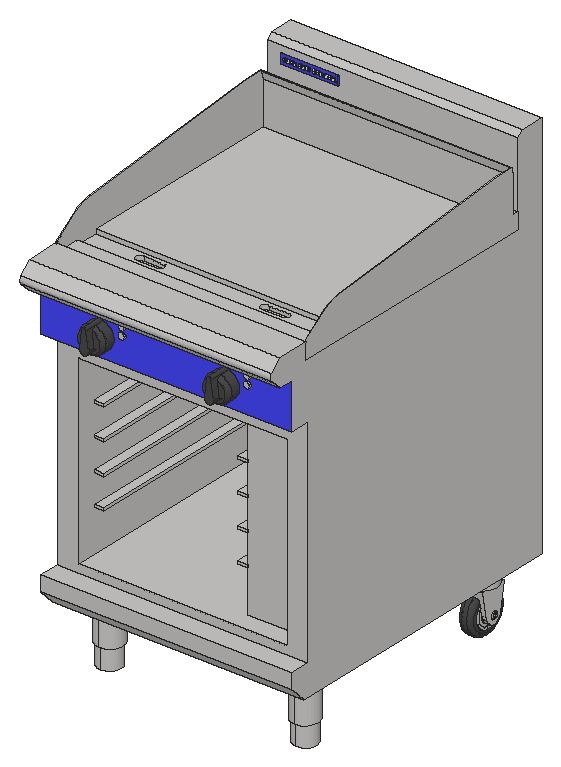
Revit family "QF_MOFFAT_BLUESEAL_CE_E514B-CB", category Specialty Equipment, Revit 2012
Parameters
  Weight in Pounds = 173  # constant formula
  Width [instance] = 600.00 mm  # constant formula
  Watts = 6800 W
  Volts = 230 V
  URL Cutsheet = "www.moffat.com"
  URL = "www.moffat.com"
  Type Mark [instance] = ""
  Status [instance] = ""
  Specification by User [instance] = ""
  Specification by Manufacturer = ""
  Show Logo [instance] = yes
  Show Casters [instance] = yes
  Serial Number = ""
  Seismic Rating = ""
  SMACNA No = ""
  Revision Code [instance] = ""
  Phase = 1
  Omniclass Number and Title = ""
  Number of Poles = 1
  NAFEM Spec ID Number = ""
  Model = "E514B-CB"
  Min Ckt Ampacity = 0 A
  Max Overcurrent Protection = 0 A
  Masterspec = ""
  Manufacturer = "MOFFAT BLUESEAL"
  Legs [instance] = not(Show Casters)  # no
  Item Number [instance] = ""
  Installed By [instance] = ""
  Identify Quantity as Lot [instance] = yes
  Height = 1085.00 mm  # constant formula
  HP = ""
  Furnished By [instance] = ""
  Foodservice Equipment Identifier [instance] = yes
  FL Amps = 28.3 A
  Elec Conn RI Height = 0.00 mm
  Elec Conn Connection Height = 0.00 mm
  Description = "600MM ELECTRIC GRIDDLE PLATE ON CABINET BASE"
  Depth [instance] = 812.00 mm  # constant formula
  Cycle = 50 Hz
  Conn Plug = ""
  Conn Conduit = yes
  CSI MasterFormat = ""
  CSI Master Format = ""
  Back Splash [instance] = 215.00 mm  # constant formula
  Apparent Power = if(Phase = 3, Volts * FL Amps * 1.73, Volts * FL Amps)  # 6509 VA
Reference planes
  plane 1 "BACK": y = 0
  plane 2: z = 0
  plane 3 "LEFT": x = 0
  plane 4 "RIGHT": x = 600
  plane 5 "FRONT": y = -812
  plane 6 "TOP": z = 970
  plane 7 "Center Y": x = 300
  plane 8 "Center X": y = -406
  plane 9 "Base Height": z = 150
  plane 10: z = 915
  plane 11: x = 65
  plane 12: x = 534
  plane 13: y = -625
  plane 14: y = -100
  plane 15: x = 470
  plane 16: z = 655
  plane 17: y = -32
  plane 18: z = 1085
Forms (mm)
  Extrusion 1, solid, material "QF_Finishes_Stainless Steel"
    sketch origin (0, 0, 0) x (0, 1, 0) y (0, 0, 1)
      loop
        line (-100, 150) -> (0, 150) -> (0, 1085) -> (-57.5, 1085) -> (-70, 1072.5) -> (-70, 875) -> (-705, 875) -> (-705, 915) -> (-783.97, 915) -> (-808.485, 890.485)
        arc (-808.485, 890.485) -> (-811.999, 882) -> (-808.485, 873.515) r 12
        line (-808.485, 873.515) -> (-784.97, 850) -> (-749, 850) -> (-749, 740) -> (-100, 740) -> (-100, 150)
      loop
        line (-749, 186) -> (-713, 150) -> (-699, 150) -> (-699, 222.5) -> (-749, 222.5) -> (-749, 186)
    from 0 to 600
  Revolve 2, solid, material "QF_Finishes_Stainless Steel", visible <- "Legs"
    sketch origin (534, -210, 0) x (0, 1, 0) y (0, 0, -1)
      loop
        line (78.25, -150) -> (110, -150) -> (110, 0) -> (82.5, 0) -> (82.5, -50) -> (78.25, -50) -> (78.25, -150)
      axis (110, -150) -> (110, 0)
    angle from 0 to 360
  Revolve 3, solid, material "QF_Finishes_Stainless Steel"
    sketch origin (534, -735, 0) x (0, 1, 0) y (0, 0, -1)
      loop
        line (78.25, -150) -> (110, -150) -> (110, 0) -> (82.5, 0) -> (82.5, -50) -> (78.25, -50) -> (78.25, -150)
      axis (110, -150) -> (110, 0)
    angle from 0 to 360
  Revolve 4, solid, material "QF_Finishes_Stainless Steel", visible <- "Legs"
    sketch origin (65, -210, 0) x (0, 1, 0) y (0, 0, -1)
      loop
        line (78.25, -150) -> (110, -150) -> (110, 0) -> (82.5, 0) -> (82.5, -50) -> (78.25, -50) -> (78.25, -150)
      axis (110, -150) -> (110, 0)
    angle from 0 to 360
  Revolve 5, solid, material "QF_Finishes_Stainless Steel"
    sketch origin (65, -735, 0) x (0, 1, 0) y (0, 0, -1)
      loop
        line (78.25, -150) -> (110, -150) -> (110, 0) -> (82.5, 0) -> (82.5, -50) -> (78.25, -50) -> (78.25, -150)
      axis (110, -150) -> (110, 0)
    angle from 0 to 360
  Revolve 6, solid, material "QF_Finishes_Black"
    sketch origin (150, 7, 597.816) x (0, 1, 0) y (0, 0, -1)
      loop
        line (-789, -229.5) -> (-766, -229.5) -> (-766, -202) -> (-756, -202) -> (-756, -197) -> (-800, -197) -> (-800, -223.651) -> (-789, -229.5)
      axis (-800, -197) -> (-756, -197)
    angle from 0 to 360
  Extrusion 7, solid, material "QF_Finishes_Black"
    sketch origin (288.27, 0, 597.973) x (-1, 0, 0) y (0, 0, -1)
      loop
        line (143.2, -228.94) -> (148.689, -184.854)
        arc (148.689, -184.854) -> (137.617, -174.355) -> (127.782, -186.021) r 10.487
        line (127.782, -186.021) -> (133.203, -228.94)
        arc (133.203, -228.94) -> (138.201, -233.827) -> (143.2, -228.94) r 5
    from 759 to 808
  Extrusion 8, solid, material "QF_Finishes_Stainless Steel"
    sketch origin (0, -699, 685) x (1, 0, 0) y (0, -1, 0)
      loop
        circle (470, -668) r 13.5
    from -55 to 30
  Extrusion 9, solid, material "QF_Finishes_Stainless Steel"
    sketch origin (0, -100, 685) x (0, 0, 1) y (-1, 0, 0)
      loop
        line (-535, 0) -> (-535, -600) -> (55, -600) -> (55, 0) -> (-535, 0)
      loop
        line (0, -50) -> (-442.5, -50) -> (-442.5, -550) -> (0, -550) -> (0, -50)
    from 0 to 599
  Extrusion 10, solid, material "QF_Finishes_Stainless Steel"
    sketch origin (0, -100, 685) x (0, 0, 1) y (-1, 0, 0)
      loop
        line (-266.25, -50) -> (-266.25, -75) -> (-259.9, -75) -> (-259.9, -50) -> (-266.25, -50)
      loop
        line (-184.9, -75) -> (-184.9, -50) -> (-191.25, -50) -> (-191.25, -75) -> (-184.9, -75)
      loop
        line (-341.25, -50) -> (-341.25, -75) -> (-334.9, -75) -> (-334.9, -50) -> (-341.25, -50)
      loop
        line (-109.9, -75) -> (-109.9, -50) -> (-116.25, -50) -> (-116.25, -75) -> (-109.9, -75)
      loop
        line (-266.25, -419.5) -> (-259.9, -419.5) -> (-259.9, -394.5) -> (-266.25, -394.5) -> (-266.25, -419.5)
      loop
        line (-184.9, -394.5) -> (-191.25, -394.5) -> (-191.25, -419.5) -> (-184.9, -419.5) -> (-184.9, -394.5)
      loop
        line (-341.25, -419.5) -> (-334.9, -419.5) -> (-334.9, -394.5) -> (-341.25, -394.5) -> (-341.25, -419.5)
      loop
        line (-109.9, -394.5) -> (-116.25, -394.5) -> (-116.25, -419.5) -> (-109.9, -419.5) -> (-109.9, -394.5)
    from 0 to 554
  Extrusion 11, solid, material "QF_Finishes_Stainless Steel"
    sketch origin (0, -100, 685) x (0, 0, 1) y (-1, 0, 0)
      loop
        line (0, -550) -> (0, -419.5) -> (-442.5, -419.5) -> (-442.5, -550) -> (0, -550)
    from 546.898 to 554
  Extrusion 12, void
    sketch origin (0, 0, 150) x (-1, 0, 0) y (0, -1, 0)
      loop
        line (-535.614, 87.26) -> (-535.614, -30.24) -> (-406.114, -30.24) -> (-406.114, 38.76) -> (-454.614, 87.26) -> (-535.614, 87.26)
    from 72.5 to 590
  Extrusion 13, solid, material "QF_Finishes_Stainless Steel"
    sketch origin (16.073, -749, 850) x (0, 0, -1) y (1, 0, 0)
      loop
        circle (25.2, 179) r 7.15
      loop
        circle (45.2, 179) r 7.15
    from 0 to 3.18
  Revolve 14, solid, material "QF_Finishes_Stainless Steel", visible <- "Legs"
    sketch origin (65, -165, 0) x (0, 1, 0) y (0, 0, 1)
      loop
        line (34.25, 150) -> (34.25, 50) -> (38.5, 50) -> (38.5, 0) -> (66, 0) -> (66, 150) -> (34.25, 150)
      axis (66, 150) -> (66, 0)
    angle from 0 to 360
  Revolve 15, solid, material "QF_Finishes_Stainless Steel", visible <- "Legs"
    sketch origin (535, -165, 0) x (0, 1, 0) y (0, 0, -1)
      loop
        line (34.25, -150) -> (66, -150) -> (66, 0) -> (38.5, 0) -> (38.5, -50) -> (34.25, -50) -> (34.25, -150)
      axis (66, -150) -> (66, 0)
    angle from 0 to 360
  Revolve 16, solid, material "QF_Finishes_Stainless Steel", visible <- "Show Casters"
    sketch origin (15.776, -99.755, -13.653) x (1, 0, 0) y (0, 0, 1)
      loop
        line (14.841, 63.604) -> (83.584, 63.604) -> (83.584, 67.109) -> (82.314, 68.379) -> (80.79, 68.379) -> (80.79, 71.826) -> (68.644, 71.826) -> (68.644, 81.79) -> (65.088, 83.843) -> (63.738, 92.179) -> (65.881, 92.179) -> (65.881, 98.529) -> (65.088, 98.529) -> (65.088, 104.879)
        arc (65.088, 104.879) -> (62.298, 111.614) -> (55.563, 114.404) r 9.525
        line (55.563, 114.404) -> (42.863, 114.404)
        arc (42.863, 114.404) -> (36.127, 111.614) -> (33.338, 104.879) r 9.525
        line (33.338, 104.879) -> (33.338, 98.529) -> (32.544, 98.529) -> (32.544, 92.179) -> (34.687, 92.179) -> (33.352, 83.932) -> (29.782, 81.871) -> (29.782, 71.826) -> (17.635, 71.826) -> (17.635, 68.379) -> (16.111, 68.379) -> (14.841, 67.109) -> (14.841, 63.604)
      axis (14.841, 63.604) -> (83.584, 63.604)
    angle from 0 to 360
  Extrusion 17, solid, material "QF_Finishes_Stainless Steel", visible <- "Show Casters"
    sketch origin (71.501, 133.353, -8.783) x (0, 1, 0) y (0, 0, 1)
      loop
        line (-200.603, 118.783) -> (-264.103, 118.783) -> (-251.746, 53.895)
        arc (-251.746, 53.895) -> (-232.353, 38.783) -> (-212.959, 53.895) r 20
        line (-212.959, 53.895) -> (-200.603, 118.783)
    from -35.667 to 22.923
  Revolve 18, solid, material "QF_Finishes_Stainless Steel", visible <- "Show Casters"
    sketch origin (65, -203, 0) x (0, 1, 0) y (0, 0, 1)
      loop
        line (68.25, 150) -> (68.25, 110) -> (104, 110) -> (104, 150) -> (68.25, 150)
      axis (104, 150) -> (104, 110)
    angle from 0 to 360
  Revolve 19, solid, material "QF_Finishes_Stainless Steel", visible <- "Legs"
    sketch origin (65, -165, 0) x (0, 1, 0) y (0, 0, 1)
      loop
        line (34.25, 150) -> (34.25, 50) -> (38.5, 50) -> (38.5, 0) -> (66, 0) -> (66, 150) -> (34.25, 150)
      axis (66, 150) -> (66, 0)
    angle from 0 to 360
  Revolve 20, solid, material "QF_Finishes_Stainless Steel", visible <- "Show Casters"
    sketch origin (485.776, -99.755, -13.653) x (1, 0, 0) y (0, 0, 1)
      loop
        line (14.841, 63.604) -> (83.584, 63.604) -> (83.584, 67.109) -> (82.314, 68.379) -> (80.79, 68.379) -> (80.79, 71.826) -> (68.644, 71.826) -> (68.644, 81.79) -> (65.088, 83.843) -> (63.738, 92.179) -> (65.881, 92.179) -> (65.881, 98.529) -> (65.088, 98.529) -> (65.088, 104.879)
        arc (65.088, 104.879) -> (62.298, 111.614) -> (55.563, 114.404) r 9.525
        line (55.563, 114.404) -> (42.863, 114.404)
        arc (42.863, 114.404) -> (36.127, 111.614) -> (33.338, 104.879) r 9.525
        line (33.338, 104.879) -> (33.338, 98.529) -> (32.544, 98.529) -> (32.544, 92.179) -> (34.687, 92.179) -> (33.352, 83.932) -> (29.782, 81.871) -> (29.782, 71.826) -> (17.635, 71.826) -> (17.635, 68.379) -> (16.111, 68.379) -> (14.841, 67.109) -> (14.841, 63.604)
      axis (14.841, 63.604) -> (83.584, 63.604)
    angle from 0 to 360
  Extrusion 21, solid, material "QF_Finishes_Stainless Steel", visible <- "Show Casters"
    sketch origin (541.501, 133.353, -8.783) x (0, 1, 0) y (0, 0, 1)
      loop
        line (-200.603, 118.783) -> (-264.103, 118.783) -> (-251.746, 53.895)
        arc (-251.746, 53.895) -> (-232.353, 38.783) -> (-212.959, 53.895) r 20
        line (-212.959, 53.895) -> (-200.603, 118.783)
    from -35.667 to 22.923
  Revolve 22, solid, material "QF_Finishes_Stainless Steel", visible <- "Show Casters"
    sketch origin (535, -203, 0) x (0, 1, 0) y (0, 0, 1)
      loop
        line (68.25, 150) -> (68.25, 110) -> (104, 110) -> (104, 150) -> (68.25, 150)
      axis (104, 150) -> (104, 110)
    angle from 0 to 360
  Revolve 23, solid, material "QF_Finishes_Black"
    sketch origin (450, 7, 597.816) x (0, 1, 0) y (0, 0, -1)
      loop
        line (-789, -229.5) -> (-766, -229.5) -> (-766, -202) -> (-756, -202) -> (-756, -197) -> (-800, -197) -> (-800, -223.651) -> (-789, -229.5)
      axis (-800, -197) -> (-756, -197)
    angle from 0 to 360
  Extrusion 24, solid, material "QF_Finishes_Black"
    sketch origin (588.27, 0, 597.973) x (-1, 0, 0) y (0, 0, -1)
      loop
        line (143.2, -228.94) -> (148.689, -184.854)
        arc (148.689, -184.854) -> (137.617, -174.355) -> (127.782, -186.021) r 10.487
        line (127.782, -186.021) -> (133.203, -228.94)
        arc (133.203, -228.94) -> (138.201, -233.827) -> (143.2, -228.94) r 5
    from 759 to 808
  Extrusion 25, solid, material "QF_Finishes_Stainless Steel"
    sketch origin (316.073, -749, 850) x (0, 0, -1) y (1, 0, 0)
      loop
        circle (25.2, 179) r 7.15
      loop
        circle (45.2, 179) r 7.15
    from 0 to 3.18
Cuts and joins
  Extrusion 12 cuts Extrusion 1
  joined: Extrusion 1, Extrusion 9
Lines and regions (mm)
  Split face 1
    outline origin (600, 0, 1085) x (-1, 0, 0) y (0, -1, 0)
      loop
        arc (556, 18.385) -> (564.66, 23.385) -> (564.66, 33.385) r 10
        line (564.66, 33.385) -> (560.619, 40.385)
        arc (560.619, 40.385) -> (556.959, 44.045) -> (551.959, 45.385) r 10
        line (551.959, 45.385) -> (324, 45.385)
        arc (324, 45.385) -> (315.34, 40.385) -> (315.34, 30.385) r 10
        line (315.34, 30.385) -> (319.381, 23.385)
        arc (319.381, 23.385) -> (323.041, 19.725) -> (328.041, 18.385) r 10
        line (328.041, 18.385) -> (556, 18.385)
  Split face 2
    outline origin (600, 0, 1085) x (-1, 0, 0) y (0, -1, 0)
      loop
        arc (276, 18.385) -> (284.66, 23.385) -> (284.66, 33.385) r 10
        line (284.66, 33.385) -> (280.619, 40.385)
        arc (280.619, 40.385) -> (276.959, 44.045) -> (271.959, 45.385) r 10
        line (271.959, 45.385) -> (44, 45.385)
        arc (44, 45.385) -> (35.34, 40.385) -> (35.34, 30.385) r 10
        line (35.34, 30.385) -> (39.381, 23.385)
        arc (39.381, 23.385) -> (43.041, 19.725) -> (48.041, 18.385) r 10
        line (48.041, 18.385) -> (276, 18.385)
  symbolic lines
    curve 1: line (0, 0, 0) -> (0, -812, 0)
    curve 2: line (600, 0, 0) -> (0, 0, 0)
    curve 3: line (600, -812, 0) -> (600, 0, 0)
    curve 4: line (0, -812, 0) -> (600, -812, 0)
    curve 13: line (0, -57.5, 150) -> (600, -57.5, 150)
    curve 14: line (0, -70, 150) -> (600, -70, 150)
    curve 15: line (0, -783.97, 150) -> (600, -783.97, 150)
    curve 16: line (271.959, -18.385, 150) -> (44, -18.385, 150)
    curve 17: arc (44, -18.385, 150) -> (35.34, -23.385, 150) -> (35.34, -33.385, 150) r 10
    curve 18: line (35.34, -33.385, 150) -> (39.381, -40.385, 150)
    curve 19: arc (39.381, -40.385, 150) -> (43.041, -44.045, 150) -> (48.041, -45.385, 150) r 10
    curve 20: line (48.041, -45.385, 150) -> (276, -45.385, 150)
    curve 21: arc (276, -45.385, 150) -> (284.66, -40.385, 150) -> (284.66, -30.385, 150) r 10
    curve 22: line (284.66, -30.385, 150) -> (280.619, -23.385, 150)
    curve 23: arc (280.619, -23.385, 150) -> (276.959, -19.725, 150) -> (271.959, -18.385, 150) r 10
    curve 24: line (324, -18.385, 150) -> (551.959, -18.385, 150)
    curve 25: arc (551.959, -18.385, 150) -> (556.959, -19.725, 150) -> (560.619, -23.385, 150) r 10
    curve 26: line (560.619, -23.385, 150) -> (564.66, -30.385, 150)
    curve 27: arc (564.66, -30.385, 150) -> (564.66, -40.385, 150) -> (556, -45.385, 150) r 10
    curve 28: line (556, -45.385, 150) -> (328.041, -45.385, 150)
    curve 29: arc (328.041, -45.385, 150) -> (323.041, -44.045, 150) -> (319.381, -40.385, 150) r 10
    curve 30: line (319.381, -40.385, 150) -> (315.34, -33.385, 150)
    curve 31: arc (315.34, -33.385, 150) -> (315.34, -23.385, 150) -> (324, -18.385, 150) r 10
  symbolic lines, style "SpecialityEquipmentHiddenLines", visible <- "Show Casters"
    curve 5: line (78.456, -46.735, 0) -> (105.952, -62.61, 0)
    curve 6: line (27.656, -134.723, 0) -> (78.456, -46.735, 0)
    curve 7: line (55.152, -150.598, 0) -> (27.656, -134.723, 0)
    curve 8: line (105.952, -62.61, 0) -> (55.152, -150.598, 0)
    curve 9: line (548.456, -46.735, 0) -> (575.952, -62.61, 0)
    curve 10: line (497.656, -134.723, 0) -> (548.456, -46.735, 0)
    curve 11: line (525.152, -150.598, 0) -> (497.656, -134.723, 0)
    curve 12: line (575.952, -62.61, 0) -> (525.152, -150.598, 0)
Dimensions and locks
  equal spacing: plane 3 "LEFT", plane 7 "Center Y", plane 4 "RIGHT"
  "Width": plane 3 "LEFT" to plane 4 "RIGHT"
  equal spacing: plane 5 "FRONT", plane 8 "Center X", plane 1 "BACK"
  "Depth": plane 5 "FRONT" to plane 1 "BACK"
  locked: plane 10 to level at 915
  locked: plane 9 "Base Height" to level at 150
  plane 6 "TOP" to plane 10 = 55.00 mm
  plane 13 to plane 14 = 525.00 mm
  plane 12 to plane 11 = 469.00 mm
  plane 15 to plane 4 "RIGHT" = 130.00 mm
  plane 16 to level = 655.00 mm
  plane 17 to plane 1 "BACK" = 32.00 mm
  "Height": plane 18 to plane 2
  Revolve 16 sketch curve to Revolve 16 sketch curve = 50.80 mm
  Revolve 20 sketch curve to Revolve 20 sketch curve = 50.80 mm
  Extrusion 8 sketch curve to plane 1 "BACK" = 31.00 mm
  aligned and locked: level to plane 2
Automatic sketch dimensions
  curve 1 to plane 3 "LEFT" = 0.00 mm
  curve 4 to plane 4 "RIGHT" = 0.00 mm
  plane 5 "FRONT" to curve 1 = 0.00 mm
  plane 1 "BACK" to curve 2 = 0.00 mm
  plane 3 "LEFT" to curve 7 = 27.656 mm
  curve 7 to plane 11 = 9.848 mm
  plane 11 to curve 6 = 13.456 mm
  plane 15 to curve 10 = 27.656 mm
  plane 12 to curve 11 = 8.848 mm
  curve 10 to plane 12 = 14.456 mm
  curve 12 to plane 14 = 50.598 mm
  curve 8 to plane 14 = 50.598 mm
  curve 7 to curve 7 = 15.875 mm
  curve 11 to curve 11 = 15.875 mm
  Extrusion 1 sketch curve to plane 10 = 0.00 mm
  Extrusion 1 sketch curve to plane 9 "Base Height" = 0.00 mm  (x2)
  Extrusion 1 sketch curve to plane 14 = 0.00 mm
  Extrusion 1 sketch curve to plane 18 = 0.00 mm
  Extrusion 1 sketch curve to plane 1 "BACK" = 0.00 mm
  Extrusion 1 sketch curve to plane 13 = 74.00 mm
  Extrusion 1 sketch curve to plane 10 = 40.00 mm
  Extrusion 1 sketch curve to plane 13 = 80.00 mm
  Extrusion 1 sketch curve to Extrusion 1 sketch curve = 14.00 mm
  Extrusion 1 sketch curve to Extrusion 1 sketch curve = 36.00 mm
  Extrusion 1 sketch curve to plane 5 "FRONT" = 63.00 mm
  Extrusion 1 sketch curve to plane 5 "FRONT" = 28.03 mm
  Extrusion 1 sketch curve to plane 5 "FRONT" = 27.03 mm
  Extrusion 1 sketch curve to plane 5 "FRONT" = 12.001 mm
  Extrusion 1 sketch curve to plane 5 "FRONT" = 3.515 mm  (x2)
  plane 14 to Extrusion 1 sketch curve = 30.00 mm
  Extrusion 1 sketch curve to Extrusion 1 sketch curve = 12.50 mm
  plane 9 "Base Height" to Extrusion 1 sketch curve = 36.00 mm
  Extrusion 1 sketch curve to Extrusion 1 sketch curve = 36.50 mm
  plane 16 to Extrusion 1 sketch curve = 85.00 mm
  Extrusion 1 sketch curve to Extrusion 1 sketch curve = 25.00 mm
  Extrusion 1 sketch curve to Extrusion 1 sketch curve = 23.515 mm
  Extrusion 1 sketch curve to Extrusion 1 sketch curve = 8.485 mm
  Extrusion 1 sketch curve to plane 18 = 12.50 mm
  Revolve 2 sketch curve to plane 9 "Base Height" = 0.00 mm
  Revolve 2 sketch curve to level = 0.00 mm
  Revolve 2 sketch curve to plane 14 = 0.00 mm  (x2)
  Revolve 2 sketch curve to plane 14 = 27.50 mm
  Revolve 2 sketch curve to plane 14 = 31.75 mm
  level to Revolve 2 sketch curve = 50.00 mm
  Revolve 2 sketch curve to Revolve 2 sketch curve = 0.00 mm
  Revolve 2 sketch curve to Revolve 2 sketch curve = 55.00 mm
  Revolve 3 sketch curve to plane 9 "Base Height" = 0.00 mm
  Revolve 3 sketch curve to level = 0.00 mm
  Revolve 3 sketch curve to plane 13 = 0.00 mm  (x2)
  Revolve 3 sketch curve to plane 13 = 27.50 mm
  Revolve 3 sketch curve to plane 13 = 31.75 mm
  level to Revolve 3 sketch curve = 50.00 mm
  Revolve 3 sketch curve to Revolve 3 sketch curve = 0.00 mm
  Revolve 3 sketch curve to Revolve 3 sketch curve = 55.00 mm
  Revolve 4 sketch curve to plane 9 "Base Height" = 0.00 mm
  Revolve 4 sketch curve to level = 0.00 mm
  Revolve 4 sketch curve to plane 14 = 0.00 mm  (x2)
  Revolve 4 sketch curve to plane 14 = 27.50 mm
  Revolve 4 sketch curve to plane 14 = 31.75 mm
  level to Revolve 4 sketch curve = 50.00 mm
  Revolve 4 sketch curve to Revolve 4 sketch curve = 0.00 mm
  Revolve 4 sketch curve to Revolve 4 sketch curve = 55.00 mm
  Revolve 5 sketch curve to plane 9 "Base Height" = 0.00 mm
  Revolve 5 sketch curve to level = 0.00 mm
  Revolve 5 sketch curve to plane 13 = 0.00 mm  (x2)
  Revolve 5 sketch curve to plane 13 = 27.50 mm
  Revolve 5 sketch curve to plane 13 = 31.75 mm
  level to Revolve 5 sketch curve = 50.00 mm
  Revolve 5 sketch curve to Revolve 5 sketch curve = 0.00 mm
  Revolve 5 sketch curve to Revolve 5 sketch curve = 55.00 mm
  Revolve 6 sketch curve to plane 5 "FRONT" = 19.00 mm
  Revolve 6 sketch curve to Revolve 6 sketch curve = 0.00 mm  (x2)
  Revolve 6 sketch curve to Revolve 6 sketch curve = 11.00 mm
  Revolve 6 sketch curve to Revolve 6 sketch curve = 12.70 mm
  Revolve 6 sketch curve to Revolve 6 sketch curve = 23.00 mm
  Revolve 6 sketch curve to Revolve 6 sketch curve = 10.00 mm
  Revolve 6 sketch curve to plane 10 = 87.684 mm
  Revolve 6 sketch curve to Revolve 6 sketch curve = 5.849 mm
  Revolve 6 sketch curve to Revolve 6 sketch curve = 27.50 mm
  Revolve 6 sketch curve to Revolve 6 sketch curve = 5.00 mm
  plane 11 to Extrusion 7 sketch curve = 95.487 mm
  Extrusion 7 sketch curve to Extrusion 7 sketch curve = 5.421 mm
  Extrusion 7 sketch curve to Extrusion 7 sketch curve = 4.999 mm  (x2)
  Extrusion 7 sketch curve to Extrusion 7 sketch curve = 10.419 mm
  Extrusion 7 sketch curve to Extrusion 7 sketch curve = 10.487 mm
  Extrusion 7 sketch curve to plane 10 = 88.087 mm
  Extrusion 7 sketch curve to Extrusion 7 sketch curve = 0.113 mm
  Extrusion 7 sketch curve to Extrusion 7 sketch curve = 42.919 mm
  Extrusion 7 sketch curve to Extrusion 7 sketch curve = 1.167 mm
  Extrusion 8 sketch curve to plane 15 = 0.00 mm
  Extrusion 1 to Extrusion 9 sketch curve = 0.00 mm
  Extrusion 9 sketch curve to Extrusion 1 = 0.00 mm  (x3)
  Extrusion 1 to Extrusion 9 sketch curve = 92.50 mm
  Extrusion 1 to Extrusion 9 sketch curve = 55.00 mm
  Extrusion 1 to Extrusion 9 sketch curve = 50.00 mm  (x2)
  Extrusion 1 to Extrusion 10 sketch curve = 50.00 mm  (x2)
  Extrusion 1 to Extrusion 10 sketch curve = 193.75 mm  (x2)
  Extrusion 10 sketch curve to Extrusion 10 sketch curve = 6.35 mm  (x8)
  Extrusion 10 sketch curve to Extrusion 10 sketch curve = 68.65 mm  (x6)
  Extrusion 10 sketch curve to Extrusion 10 sketch curve = 25.00 mm  (x8)
  Extrusion 10 sketch curve to Extrusion 10 sketch curve = 0.00 mm  (x4)
  Extrusion 1 to Extrusion 10 sketch curve = 75.00 mm
  Extrusion 1 to Extrusion 10 sketch curve = 205.50 mm
  Extrusion 1 to Extrusion 11 sketch curve = 92.50 mm
  Extrusion 1 to Extrusion 11 sketch curve = 55.00 mm
  Extrusion 1 to Extrusion 11 sketch curve = 50.00 mm
  Extrusion 11 sketch curve to Extrusion 11 sketch curve = 130.50 mm
  Extrusion 12 sketch curve to plane 12 = 1.614 mm
  Extrusion 12 sketch curve to plane 15 = 15.386 mm
  Extrusion 12 sketch curve to plane 17 = 6.76 mm
  Extrusion 12 sketch curve to plane 15 = 63.886 mm
  Extrusion 12 sketch curve to plane 1 "BACK" = 30.24 mm
  plane 14 to Extrusion 12 sketch curve = 12.74 mm
  Extrusion 1 to Extrusion 13 sketch curve = 25.20 mm
  Extrusion 13 sketch curve to Extrusion 13 sketch curve = 20.00 mm
  Extrusion 1 to Extrusion 13 sketch curve = 195.073 mm
  Extrusion 13 sketch curve to Extrusion 13 sketch curve = 0.00 mm
  Revolve 14 sketch curve to plane 9 "Base Height" = 0.00 mm
  Revolve 14 sketch curve to level = 0.00 mm
  Revolve 14 sketch curve to plane 14 = 30.75 mm
  Revolve 14 sketch curve to plane 14 = 26.50 mm
  plane 14 to Revolve 14 sketch curve = 1.00 mm  (x2)
  Revolve 14 sketch curve to Revolve 14 sketch curve = 55.00 mm
  level to Revolve 14 sketch curve = 50.00 mm
  Revolve 14 sketch curve to Revolve 14 sketch curve = 0.00 mm
  Revolve 15 sketch curve to plane 9 "Base Height" = 0.00 mm
  Revolve 15 sketch curve to level = 0.00 mm
  Revolve 15 sketch curve to plane 14 = 30.75 mm
  Revolve 15 sketch curve to plane 14 = 26.50 mm
  plane 14 to Revolve 15 sketch curve = 1.00 mm  (x2)
  level to Revolve 15 sketch curve = 50.00 mm
  Revolve 15 sketch curve to Revolve 15 sketch curve = 0.00 mm
  Revolve 15 sketch curve to Revolve 15 sketch curve = 55.00 mm
  plane 3 "LEFT" to Revolve 16 sketch curve = 30.618 mm
  Revolve 16 sketch curve to Revolve 16 sketch curve = 1.27 mm  (x4)
  Revolve 16 sketch curve to Revolve 16 sketch curve = 1.524 mm  (x2)
  Revolve 16 sketch curve to Revolve 16 sketch curve = 12.146 mm  (x2)
  Revolve 16 sketch curve to plane 11 = 16.68 mm
  Revolve 16 sketch curve to Revolve 16 sketch curve = 0.794 mm  (x2)
  Revolve 16 sketch curve to Revolve 16 sketch curve = 3.57 mm
  Revolve 16 sketch curve to Revolve 16 sketch curve = 2.143 mm
  Revolve 16 sketch curve to plane 11 = 6.361 mm
  plane 11 to Revolve 16 sketch curve = 5.13 mm
  plane 11 to Revolve 16 sketch curve = 6.339 mm
  plane 11 to Revolve 16 sketch curve = 14.515 mm
  Revolve 16 sketch curve to Revolve 16 sketch curve = 1.349 mm  (x2)
  Revolve 16 sketch curve to Revolve 16 sketch curve = 3.556 mm
  Revolve 16 sketch curve to Revolve 16 sketch curve = 33.32 mm
  level to Revolve 16 sketch curve = 49.952 mm
  Revolve 16 sketch curve to Revolve 16 sketch curve = 0.00 mm
  Revolve 16 sketch curve to Revolve 16 sketch curve = 3.505 mm  (x2)
  Revolve 16 sketch curve to Revolve 16 sketch curve = 3.447 mm  (x2)
  Revolve 16 sketch curve to Revolve 16 sketch curve = 9.964 mm
  Revolve 16 sketch curve to Revolve 16 sketch curve = 10.045 mm
  Revolve 16 sketch curve to Revolve 16 sketch curve = 2.053 mm
  Revolve 16 sketch curve to Revolve 16 sketch curve = 2.061 mm
  Revolve 16 sketch curve to Revolve 16 sketch curve = 8.247 mm
  Revolve 16 sketch curve to Revolve 16 sketch curve = 8.336 mm
  Revolve 16 sketch curve to Revolve 16 sketch curve = 6.35 mm  (x2)
  Extrusion 17 sketch curve to plane 14 = 30.75 mm
  Extrusion 17 sketch curve to plane 14 = 18.393 mm
  plane 14 to Extrusion 17 sketch curve = 1.00 mm
  Extrusion 17 sketch curve to Extrusion 17 sketch curve = 19.393 mm
  plane 14 to Extrusion 17 sketch curve = 32.75 mm
  level to Extrusion 17 sketch curve = 45.111 mm
  Extrusion 17 sketch curve to Extrusion 17 sketch curve = 4.889 mm
  Extrusion 17 sketch curve to plane 9 "Base Height" = 40.00 mm
  Revolve 18 sketch curve to plane 9 "Base Height" = 0.00 mm
  Revolve 18 sketch curve to plane 14 = 34.75 mm
  plane 14 to Revolve 18 sketch curve = 1.00 mm  (x2)
  Revolve 18 sketch curve to plane 9 "Base Height" = 40.00 mm
  level to Revolve 18 sketch curve = 50.00 mm
  Revolve 18 sketch curve to level = 55.00 mm
  Revolve 19 sketch curve to plane 9 "Base Height" = 0.00 mm
  Revolve 19 sketch curve to level = 0.00 mm
  Revolve 19 sketch curve to plane 14 = 30.75 mm
  Revolve 19 sketch curve to plane 14 = 26.50 mm
  plane 14 to Revolve 19 sketch curve = 1.00 mm  (x2)
  Revolve 19 sketch curve to Revolve 19 sketch curve = 55.00 mm
  level to Revolve 19 sketch curve = 50.00 mm
  Revolve 19 sketch curve to Revolve 19 sketch curve = 0.00 mm
  plane 15 to Revolve 20 sketch curve = 30.618 mm
  Revolve 20 sketch curve to Revolve 20 sketch curve = 1.27 mm  (x4)
  Revolve 20 sketch curve to Revolve 20 sketch curve = 1.524 mm  (x2)
  Revolve 20 sketch curve to Revolve 20 sketch curve = 12.146 mm  (x2)
  plane 12 to Revolve 20 sketch curve = 15.68 mm
  Revolve 20 sketch curve to Revolve 20 sketch curve = 0.794 mm  (x2)
  Revolve 20 sketch curve to Revolve 20 sketch curve = 3.57 mm
  Revolve 20 sketch curve to Revolve 20 sketch curve = 2.143 mm
  plane 12 to Revolve 20 sketch curve = 5.361 mm
  Revolve 20 sketch curve to plane 12 = 6.13 mm
  Revolve 20 sketch curve to plane 12 = 7.339 mm
  Revolve 20 sketch curve to Revolve 20 sketch curve = 8.176 mm
  Revolve 20 sketch curve to Revolve 20 sketch curve = 1.349 mm  (x2)
  Revolve 20 sketch curve to Revolve 20 sketch curve = 3.556 mm
  Revolve 20 sketch curve to plane 4 "RIGHT" = 2.68 mm
  level to Revolve 20 sketch curve = 49.952 mm
  Revolve 20 sketch curve to Revolve 20 sketch curve = 0.00 mm
  Revolve 20 sketch curve to Revolve 20 sketch curve = 3.505 mm  (x2)
  Revolve 20 sketch curve to Revolve 20 sketch curve = 3.447 mm  (x2)
  Revolve 20 sketch curve to Revolve 20 sketch curve = 9.964 mm
  Revolve 20 sketch curve to Revolve 20 sketch curve = 10.045 mm
  Revolve 20 sketch curve to Revolve 20 sketch curve = 2.053 mm
  Revolve 20 sketch curve to Revolve 20 sketch curve = 2.061 mm
  Revolve 20 sketch curve to Revolve 20 sketch curve = 8.247 mm
  Revolve 20 sketch curve to Revolve 20 sketch curve = 8.336 mm
  Revolve 20 sketch curve to Revolve 20 sketch curve = 6.35 mm  (x2)
  Extrusion 21 sketch curve to plane 14 = 30.75 mm
  Extrusion 21 sketch curve to plane 14 = 18.393 mm
  plane 14 to Extrusion 21 sketch curve = 1.00 mm
  Extrusion 21 sketch curve to Extrusion 21 sketch curve = 19.393 mm
  plane 14 to Extrusion 21 sketch curve = 32.75 mm
  level to Extrusion 21 sketch curve = 45.111 mm
  Extrusion 21 sketch curve to Extrusion 21 sketch curve = 4.889 mm
  Extrusion 21 sketch curve to plane 9 "Base Height" = 40.00 mm
  Revolve 22 sketch curve to plane 9 "Base Height" = 0.00 mm
  Revolve 22 sketch curve to plane 14 = 34.75 mm
  plane 14 to Revolve 22 sketch curve = 1.00 mm  (x2)
  Revolve 22 sketch curve to plane 9 "Base Height" = 40.00 mm
  level to Revolve 22 sketch curve = 50.00 mm
  Revolve 22 sketch curve to level = 55.00 mm
  curve 13 to plane 4 "RIGHT" = 0.00 mm
  curve 14 to plane 4 "RIGHT" = 0.00 mm
  curve 15 to plane 4 "RIGHT" = 0.00 mm
  curve 14 to plane 3 "LEFT" = 0.00 mm
  curve 13 to plane 3 "LEFT" = 0.00 mm
  curve 15 to plane 3 "LEFT" = 0.00 mm
  plane 17 to curve 27 = 1.615 mm
  curve 27 to plane 12 = 30.66 mm
  curve 26 to curve 25 = 4.041 mm
  curve 26 to curve 27 = 8.66 mm
  curve 26 to curve 25 = 8.66 mm
  curve 28 to plane 17 = 13.385 mm
  plane 7 "Center Y" to curve 28 = 28.041 mm
  plane 17 to curve 31 = 3.615 mm
  curve 29 to curve 31 = 4.041 mm
  curve 30 to plane 17 = 8.385 mm
  curve 28 to curve 30 = 8.66 mm
  curve 31 to plane 17 = 1.385 mm
  curve 30 to curve 31 = 4.041 mm
  plane 17 to curve 21 = 1.615 mm
  curve 21 to plane 7 "Center Y" = 15.34 mm
  curve 22 to curve 23 = 4.041 mm
  curve 21 to plane 17 = 3.385 mm
  curve 22 to curve 21 = 8.66 mm
  plane 17 to curve 23 = 3.615 mm
  curve 21 to curve 23 = 4.041 mm
  curve 19 to plane 11 = 16.959 mm
  plane 17 to curve 17 = 3.615 mm
  curve 19 to curve 17 = 4.041 mm
  curve 18 to plane 17 = 8.385 mm
  curve 20 to curve 18 = 8.66 mm
  curve 18 to plane 17 = 1.385 mm
  curve 18 to curve 18 = 4.041 mm
  curve 26 to curve 26 = 7.00 mm
  curve 13 to plane 17 = 25.50 mm
  curve 13 to curve 14 = 12.50 mm
  curve 15 to plane 5 "FRONT" = 28.03 mm
  Split face 1 sketch curve to cut or joined group of Extrusion 1, Extrusion 9, Extrusion 12 = 27.115 mm
  Split face 1 sketch curve to cut or joined group of Extrusion 1, Extrusion 9, Extrusion 12 = 284.66 mm
  Split face 1 sketch curve to Split face 1 sketch curve = 4.041 mm  (x4)
  Split face 1 sketch curve to Split face 1 sketch curve = 8.66 mm  (x2)
  Split face 1 sketch curve to cut or joined group of Extrusion 1, Extrusion 9, Extrusion 12 = 12.115 mm
  Split face 1 sketch curve to cut or joined group of Extrusion 1, Extrusion 9, Extrusion 12 = 48.041 mm
  Split face 1 sketch curve to Split face 1 sketch curve = 7.00 mm  (x3)
  Split face 1 sketch curve to Split face 1 sketch curve = 17.00 mm
  Split face 2 sketch curve to cut or joined group of Extrusion 1, Extrusion 9, Extrusion 12 = 35.34 mm
  Split face 2 sketch curve to Split face 2 sketch curve = 4.041 mm  (x4)
  Split face 2 sketch curve to Split face 2 sketch curve = 8.66 mm  (x2)
  Split face 2 sketch curve to cut or joined group of Extrusion 1, Extrusion 9, Extrusion 12 = 12.115 mm
  Split face 2 sketch curve to Split face 2 sketch curve = 223.917 mm
  Split face 2 sketch curve to Split face 2 sketch curve = 5.00 mm
  Split face 2 sketch curve to Split face 2 sketch curve = 10.00 mm
  Split face 2 sketch curve to Split face 2 sketch curve = 7.00 mm  (x3)
  Revolve 23 sketch curve to plane 5 "FRONT" = 19.00 mm
  Revolve 23 sketch curve to Revolve 23 sketch curve = 0.00 mm  (x2)
  Revolve 23 sketch curve to Revolve 23 sketch curve = 11.00 mm
  Revolve 23 sketch curve to Revolve 23 sketch curve = 12.70 mm
  Revolve 23 sketch curve to Revolve 23 sketch curve = 23.00 mm
  Revolve 23 sketch curve to Revolve 23 sketch curve = 10.00 mm
  Revolve 23 sketch curve to plane 10 = 87.684 mm
  Revolve 23 sketch curve to Revolve 23 sketch curve = 5.849 mm
  Revolve 23 sketch curve to Revolve 23 sketch curve = 27.50 mm
  Revolve 23 sketch curve to Revolve 23 sketch curve = 5.00 mm
  Extrusion 24 sketch curve to plane 15 = 9.513 mm
  Extrusion 24 sketch curve to Extrusion 24 sketch curve = 5.421 mm
  Extrusion 24 sketch curve to Extrusion 24 sketch curve = 4.999 mm  (x2)
  Extrusion 24 sketch curve to Extrusion 24 sketch curve = 10.419 mm
  Extrusion 24 sketch curve to Extrusion 24 sketch curve = 10.487 mm
  Extrusion 24 sketch curve to plane 10 = 88.087 mm
  Extrusion 24 sketch curve to Extrusion 24 sketch curve = 0.113 mm
  Extrusion 24 sketch curve to Extrusion 24 sketch curve = 42.919 mm
  Extrusion 24 sketch curve to Extrusion 24 sketch curve = 1.167 mm
  Extrusion 1 to Extrusion 25 sketch curve = 25.20 mm
  Extrusion 25 sketch curve to Extrusion 25 sketch curve = 20.00 mm
  Extrusion 1 to Extrusion 25 sketch curve = 104.927 mm
  Extrusion 25 sketch curve to Extrusion 25 sketch curve = 0.00 mm
  radius of Extrusion 8 sketch curve = 13.50 mm
  radius of Extrusion 13 sketch curve = 7.15 mm  (x2)
  radius of Extrusion 25 sketch curve = 7.15 mm  (x2)
Nested families
  nested 1: "ELECTRIC GRIDDLE PLATE 600" at (0, -85.003, 875), type "ELECTRIC GRIDDLE PLATE 600"
    with Width 600.00 mm, Type Mark "", Status "", Specification by User "", Revision Code "", Item Number "", Installed By "", Identify Quantity as Lot yes, Furnished By "", Foodservice Equipment Identifier yes, Depth 620.00 mm
  nested 2: "WALDORF LOGO_FACE BASE" at (32, -70, 1056.885) x (1, 0, 0) z (0, -1, 0), visible <- "Show Logo", type "WALDORF LOGO_FACE BASE", detail levels medium+fine
    with Show Logo yes
Connectors
  electrical at (470, -31, 655), driven by "Volts", driven by "Watts"
    settings: on Extrusion 8, index 1, voltage 230 V, apparent load 6800 VA, apparent load phase1 0 VA, apparent load phase2 0 VA, apparent load phase3 0 VA, power factor 1, load classification "Other", number of poles 1, system type 30, power factor state 1, is connector primary yes, connector utility no, sub classification motor no, connector description "ELECTRICAL CONNECTION"
Definition of nested family "ELECTRIC GRIDDLE PLATE 600"
  Parameters (values of type "ELECTRIC GRIDDLE PLATE 600")
    Width [instance] = 600.00 mm
    Weight in Pounds = 0
    URL Cutsheet = ""
    Type Mark [instance] = ""
    Status [instance] = ""
    Specification by User [instance] = ""
    Specification by Manufacturer = ""
    Serial Number = ""
    Seismic Rating = ""
    SMACNA No = ""
    Revision Code [instance] = ""
    Omniclass Number and Title = ""
    NAFEM Spec ID Number = ""
    Masterspec = ""
    Item Number [instance] = ""
    Installed By [instance] = ""
    Identify Quantity as Lot [instance] = yes
    Furnished By [instance] = ""
    Foodservice Equipment Identifier [instance] = yes
    Depth [instance] = 620.00 mm
    CSI MasterFormat = ""
    CSI Master Format = ""
  Reference planes
    plane 1 "BACK": y = 0
    plane 2: z = 0
    plane 3 "LEFT": x = 0
    plane 4 "RIGHT": x = 600
    plane 5 "FRONT": y = -620
    plane 6 "TOP": z = 142.5
    plane 7 "Center Y": x = 300
    plane 8 "Center X": y = -310
    plane 9: y = -530.997
    plane 10: y = -541.497
    plane 11: y = -503.25
    plane 12: y = -557.737
  Forms (mm)
    Extrusion 1, solid, material "QF_Finishes_Stainless Steel"
      sketch origin (0, 70.003, -874.5) x (0, 1, 0) y (0, 0, 1)
        loop
          line (-70, 875) -> (-70, 997.489) -> (-75.228, 1017) -> (-117.24, 1017) -> (-589.533, 971.523)
          arc (-589.533, 971.523) -> (-614.56, 965.803) -> (-637.306, 953.899) r 100
          line (-637.306, 953.899) -> (-690.003, 917) -> (-690.003, 875) -> (-70, 875)
      from 0 to 1.8
    Extrusion 2, solid, material "QF_Finishes_Stainless Steel"
      sketch origin (600, 70.003, -874.5) x (0, -1, 0) y (0, 0, 1)
        loop
          line (70, 875) -> (690.003, 875) -> (690.003, 917) -> (637.306, 953.899)
          arc (637.306, 953.899) -> (614.56, 965.803) -> (589.533, 971.523) r 100
          line (589.533, 971.523) -> (117.24, 1017) -> (75.228, 1017) -> (70, 997.489) -> (70, 875)
      from 0 to 1.2
    Extrusion 3, solid, material "QF_Finishes_Stainless Steel"
      sketch origin (150, 70.003, -874.5) x (0, 1, 0) y (0, 0, 1)
        loop
          line (-70, 894.5) -> (-573.253, 894.5) -> (-573.253, 884) -> (-627.74, 884) -> (-627.74, 894.5) -> (-690.003, 894.5) -> (-690.003, 874.5) -> (-55, 874.5) -> (-55, 914.5) -> (-70, 914.5) -> (-70, 894.5)
      from -150 to 450
    Extrusion 4, void
      sketch origin (150, -541.497, 10) x (0, -1, 0) y (1, 0, 0)
        loop
          arc (-7.497, 25) -> (-17.497, 35) -> (-27.497, 25) r 10
          line (-27.497, 25) -> (-27.497, -25)
          arc (-27.497, -25) -> (-17.497, -35) -> (-7.497, -25) r 10
          line (-7.497, -25) -> (-7.497, 25)
        loop
          arc (-7.497, 325) -> (-17.497, 335) -> (-27.497, 325) r 10
          line (-27.497, 325) -> (-27.497, 275)
          arc (-27.497, 275) -> (-17.497, 265) -> (-7.497, 275) r 10
          line (-7.497, 275) -> (-7.497, 325)
      from -41.4 to 40.142
    Extrusion 5, solid, material "QF_Finishes_Stainless Steel"
      sketch origin (0, 70.003, -874.5) x (0, 1, 0) y (0, 0, 1)
        loop
          line (-70, 875) -> (-70, 997.489) -> (-75.228, 1017) -> (-76.884, 1017) -> (-71.6, 997.278) -> (-71.6, 875) -> (-70, 875)
      from 0 to 598.8
  Cuts and joins
    Extrusion 4 cuts Extrusion 3
    joined: Extrusion 1, Extrusion 2, Extrusion 3, Extrusion 5
  Lines and regions (mm)
    symbolic lines
      curve 1: line (598.8, -503.25, 0) -> (0, -503.25, 0)
      curve 2: line (1.8, -557.737, 0) -> (598.8, -557.737, 0)
      curve 3: line (0, -620, 0) -> (600, -620, 0)
      curve 4: line (175, -534, 0) -> (125, -534, 0)
      curve 5: arc (125, -534, 0) -> (115, -524, 0) -> (125, -514, 0) r 10
      curve 6: line (125, -514, 0) -> (175, -514, 0)
      curve 7: arc (175, -514, 0) -> (185, -524, 0) -> (175, -534, 0) r 10
      curve 8: arc (425, -514, 0) -> (415, -524, 0) -> (425, -534, 0) r 10
      curve 9: line (425, -534, 0) -> (475, -534, 0)
      curve 10: arc (475, -534, 0) -> (485, -524, 0) -> (475, -514, 0) r 10
      curve 11: line (475, -514, 0) -> (425, -514, 0)
      curve 12: line (600, -5.225, 0) -> (0, -5.225, 0)
      curve 13: line (0, -5.225, 0) -> (0, -620, 0)
      curve 14: line (600, -620, 0) -> (600, -5.225, 0)
  Dimensions and locks
    equal spacing: plane 3 "LEFT", plane 7 "Center Y", plane 4 "RIGHT"
    "Width": plane 3 "LEFT" to plane 4 "RIGHT"
    equal spacing: plane 5 "FRONT", plane 8 "Center X", plane 1 "BACK"
    "Depth": plane 5 "FRONT" to plane 1 "BACK"
    locked: Extrusion 2 to Extrusion 2 at 1.2
    Extrusion 4 sketch curve to Extrusion 4 sketch curve to plane 7 "Center Y" = 50.00 mm locked, 125.00 mm locked  (x2)
    aligned and locked: level to plane 2
    aligned and locked: Extrusion 2 to plane 4 "RIGHT"
    aligned and locked: curve 1 to plane 11
    aligned and locked: plane 12 to curve 2
    aligned and locked: Extrusion 5 to cut or joined group of Extrusion 1, Extrusion 2, Extrusion 3, Extrusion 4, Extrusion 5
    aligned and locked: cut or joined group of Extrusion 1, Extrusion 2, Extrusion 3, Extrusion 4, Extrusion 5 to plane 4 "RIGHT"
    aligned and locked: curve 5 to cut or joined group of Extrusion 1, Extrusion 2, Extrusion 3, Extrusion 4, Extrusion 5
    aligned and locked: curve 7 to cut or joined group of Extrusion 1, Extrusion 2, Extrusion 3, Extrusion 4, Extrusion 5
    aligned and locked: cut or joined group of Extrusion 1, Extrusion 2, Extrusion 3, Extrusion 4, Extrusion 5 to plane 3 "LEFT"
  Automatic sketch dimensions
    Extrusion 1 sketch curve to plane 5 "FRONT" = 0.00 mm
    Extrusion 1 sketch curve to plane 6 "TOP" = 0.00 mm
    plane 12 to Extrusion 1 sketch curve = 9.566 mm
    plane 11 to Extrusion 1 sketch curve = 16.28 mm
    Extrusion 1 sketch curve to level = 2.516 mm
    plane 11 to Extrusion 1 sketch curve = 6.695 mm
    plane 1 "BACK" to Extrusion 1 sketch curve = 47.237 mm
    plane 1 "BACK" to Extrusion 1 sketch curve = 5.225 mm
    Extrusion 1 sketch curve to plane 1 "BACK" = 0.003 mm
    level to Extrusion 1 sketch curve = 0.50 mm
    Extrusion 1 sketch curve to Extrusion 1 sketch curve = 42.00 mm
    Extrusion 1 sketch curve to plane 6 "TOP" = 63.101 mm
    Extrusion 1 sketch curve to plane 6 "TOP" = 19.511 mm
    Extrusion 2 sketch curve to plane 6 "TOP" = 0.00 mm
    Extrusion 2 sketch curve to plane 5 "FRONT" = 0.00 mm
    plane 12 to Extrusion 2 sketch curve = 9.566 mm
    plane 11 to Extrusion 2 sketch curve = 16.28 mm
    Extrusion 2 sketch curve to level = 2.516 mm
    plane 11 to Extrusion 2 sketch curve = 6.695 mm
    plane 1 "BACK" to Extrusion 2 sketch curve = 47.237 mm
    plane 1 "BACK" to Extrusion 2 sketch curve = 5.225 mm
    Extrusion 2 sketch curve to plane 1 "BACK" = 0.003 mm
    level to Extrusion 2 sketch curve = 0.50 mm
    Extrusion 2 sketch curve to Extrusion 2 sketch curve = 42.00 mm
    Extrusion 2 sketch curve to plane 6 "TOP" = 63.101 mm
    Extrusion 2 sketch curve to plane 6 "TOP" = 19.511 mm
    plane 1 "BACK" to Extrusion 5 sketch curve = 5.225 mm
    Extrusion 5 sketch curve to plane 1 "BACK" = 0.003 mm
    Extrusion 5 sketch curve to plane 6 "TOP" = 19.511 mm
    Extrusion 5 sketch curve to Extrusion 5 sketch curve = 1.60 mm
    Extrusion 5 sketch curve to Extrusion 5 sketch curve = 0.211 mm
    Extrusion 5 sketch curve to plane 6 "TOP" = 0.00 mm
    Extrusion 5 sketch curve to Extrusion 5 sketch curve = 1.656 mm
    level to Extrusion 5 sketch curve = 0.50 mm
    plane 11 to Extrusion 4 sketch curve = 10.75 mm  (x2)
    Extrusion 4 sketch curve to Extrusion 4 sketch curve = 10.00 mm  (x2)
    plane 5 "FRONT" to curve 3 = 0.00 mm
    curve 9 to plane 12 = 23.737 mm
    plane 7 "Center Y" to curve 9 = 125.00 mm
    curve 9 to curve 9 = 50.00 mm
    curve 9 to curve 10 = 10.00 mm
    plane 3 "LEFT" to curve 2 = 1.80 mm
    plane 3 "LEFT" to curve 12 = 0.00 mm
    plane 4 "RIGHT" to curve 2 = 1.20 mm
    plane 4 "RIGHT" to curve 3 = 0.00 mm
    plane 4 "RIGHT" to curve 1 = 1.20 mm
    plane 1 "BACK" to curve 14 = 5.225 mm
    Extrusion 3 sketch curve to plane 5 "FRONT" = 0.00 mm
    Extrusion 3 sketch curve to plane 12 = 0.00 mm
    Extrusion 3 sketch curve to plane 11 = 0.00 mm
    Extrusion 3 sketch curve to plane 1 "BACK" = 0.003 mm
    level to Extrusion 3 sketch curve = 0.00 mm
    Extrusion 3 sketch curve to Extrusion 3 sketch curve = 15.00 mm
    level to Extrusion 3 sketch curve = 9.50 mm
    Extrusion 3 sketch curve to Extrusion 3 sketch curve = 10.50 mm
    Extrusion 3 sketch curve to Extrusion 3 sketch curve = 20.00 mm  (x2)
Definition of nested family "WALDORF LOGO_FACE BASE"
  Parameters (values of type "WALDORF LOGO_FACE BASE")
    Show Logo [instance] = yes
    Default Elevation = 1219.20 mm
  Reference planes
    plane 1 "Center (Front/Back)": y = 0
    plane 2: z = 0
    plane 3 "Center (Left/Right)": x = 0
  Forms (mm)
    Extrusion 1, solid
      sketch origin (0, 0, 0) x (1, 0, 0) y (0, 1, 0)
        loop
          line (-1219.2, 1219.2) -> (-1219.2, -1219.2) -> (1219.2, -1219.2) -> (1219.2, 1219.2) -> (-1219.2, 1219.2)
      from 0 to -304.8
    Extrusion 2, solid, material "QF_Finishes_Blue", visible <- "Show Logo"
      sketch origin (0, -33.217, 0) x (1, 0, 0) y (0, 1, 0)
        loop
          arc (138, 31.942) -> (137.626, 32.844) -> (136.724, 33.217) r 1.276
          line (136.724, 33.217) -> (1.29, 33.217)
          arc (1.29, 33.217) -> (0.378, 32.839) -> (0, 31.927) r 1.29
          line (0, 31.927) -> (0, 11.507)
          arc (0, 11.507) -> (0.378, 10.595) -> (1.29, 10.217) r 1.29
          line (1.29, 10.217) -> (136.71, 10.217)
          arc (136.71, 10.217) -> (137.622, 10.595) -> (138, 11.507) r 1.29
          line (138, 11.507) -> (138, 31.942)
      from 0 to 1.588
    Extrusion 3, solid, material "QF_Finishes_White", visible <- "Show Logo"
      sketch origin (0, -33.217, 1.588) x (1, 0, 0) y (0, 1, 0)
        loop
          arc (108.946, 25.919) -> (107.613, 25.367) -> (107.061, 24.034) r 1.885
          line (107.061, 24.034) -> (107.061, 17.211) -> (112.704, 17.211) -> (112.704, 19.129) -> (115.546, 19.129) -> (115.546, 17.211) -> (121.584, 17.211) -> (121.584, 24.075)
          arc (121.584, 24.075) -> (121.043, 25.379) -> (119.739, 25.919) r 1.845
          line (119.739, 25.919) -> (108.946, 25.919)
        loop
          line (123.478, 25.919) -> (123.478, 17.163) -> (134.904, 17.163) -> (134.904, 19.129) -> (129.246, 19.129) -> (129.246, 25.919) -> (123.478, 25.919)
        loop
          line (112.704, 21.258) -> (115.546, 21.258) -> (115.546, 22.702)
          arc (115.546, 22.702) -> (115.344, 23.188) -> (114.858, 23.389) r 0.687
          line (114.858, 23.389) -> (113.363, 23.389)
          arc (113.363, 23.389) -> (112.897, 23.196) -> (112.704, 22.73) r 0.658
          line (112.704, 22.73) -> (112.704, 21.258)
        loop
          line (105.071, 25.919) -> (93.771, 25.919) -> (93.771, 17.163) -> (105.071, 17.163) -> (105.071, 19.063) -> (99.535, 19.063) -> (99.535, 20.437) -> (105.071, 20.437) -> (105.071, 22.278) -> (99.535, 22.278) -> (99.535, 23.587) -> (105.071, 23.587) -> (105.071, 25.919)
        loop
          line (91.104, 25.919) -> (79.541, 25.919)
          arc (79.541, 25.919) -> (78.558, 25.513) -> (78.152, 24.53) r 1.389
          line (78.152, 24.53) -> (78.152, 22.08)
          arc (78.152, 22.08) -> (78.558, 21.098) -> (79.541, 20.691) r 1.389
          line (79.541, 20.691) -> (86.346, 20.691) -> (86.346, 18.864) -> (83.266, 18.864) -> (83.266, 19.664) -> (78.152, 19.664) -> (78.152, 18.553)
          arc (78.152, 18.553) -> (78.558, 17.57) -> (79.541, 17.163) r 1.389
          line (79.541, 17.163) -> (91.063, 17.163)
          arc (91.063, 17.163) -> (92.045, 17.57) -> (92.452, 18.553) r 1.389
          line (92.452, 18.553) -> (92.452, 20.691)
          arc (92.452, 20.691) -> (92.045, 21.673) -> (91.063, 22.08) r 1.389
          line (91.063, 22.08) -> (83.266, 22.08) -> (83.266, 23.984) -> (86.346, 23.984) -> (86.346, 22.743) -> (92.452, 22.743) -> (92.452, 24.571)
          arc (92.452, 24.571) -> (92.057, 25.524) -> (91.104, 25.919) r 1.348
        loop
          line (70.705, 25.919) -> (59.405, 25.919) -> (59.405, 17.163) -> (70.705, 17.163) -> (70.705, 19.063) -> (65.169, 19.063) -> (65.169, 20.437) -> (70.705, 20.437) -> (70.705, 22.278) -> (65.169, 22.278) -> (65.169, 23.587) -> (70.705, 23.587) -> (70.705, 25.919)
        loop
          line (57.598, 25.919) -> (51.7, 25.919) -> (51.7, 20.18)
          arc (51.7, 20.18) -> (50.63, 19.11) -> (49.56, 20.18) r 1.07
          line (49.56, 20.18) -> (49.56, 25.919) -> (43.663, 25.919) -> (43.663, 19.049)
          arc (43.663, 19.049) -> (44.215, 17.716) -> (45.548, 17.163) r 1.885
          line (45.548, 17.163) -> (55.71, 17.163)
          arc (55.71, 17.163) -> (57.045, 17.716) -> (57.598, 19.051) r 1.887
          line (57.598, 19.051) -> (57.598, 25.919)
        loop
          line (31.62, 25.919) -> (31.62, 17.163) -> (43.046, 17.163) -> (43.046, 19.129) -> (37.388, 19.129) -> (37.388, 25.919) -> (31.62, 25.919)
        loop
          line (15.969, 25.919) -> (15.969, 17.163) -> (28.693, 17.163)
          arc (28.693, 17.163) -> (29.812, 17.627) -> (30.276, 18.746) r 1.582
          line (30.276, 18.746) -> (30.276, 20.447) -> (29.48, 21.243) -> (30.276, 22.039) -> (30.276, 24.332)
          arc (30.276, 24.332) -> (29.811, 25.454) -> (28.688, 25.919) r 1.587
          line (28.688, 25.919) -> (15.969, 25.919)
        loop
          line (21.449, 24.159) -> (21.449, 22.436) -> (23.862, 22.436)
          arc (23.862, 22.436) -> (24.723, 23.298) -> (23.862, 24.159) r 0.861
          line (23.862, 24.159) -> (21.449, 24.159)
        loop
          line (21.449, 20.244) -> (21.449, 18.522) -> (23.862, 18.522)
          arc (23.862, 18.522) -> (24.723, 19.383) -> (23.862, 20.244) r 0.861
          line (23.862, 20.244) -> (21.449, 20.244)
      from 0 to 0.2
    Extrusion 4, solid, material "QF_Finishes_Blue", visible <- "Show Logo"
      sketch origin (-126.498, -31.09, 1.588) x (1, 0, 0) y (0, 1, 0)
        loop
          line (136.738, 23.522) -> (136.738, 15.1)
          arc (136.738, 15.1) -> (140.756, 19.311) -> (136.738, 23.522) r 4.216
      from 0 to 0.2
    Extrusion 5, solid, material "QF_Finishes_Red", visible <- "Show Logo"
      sketch origin (146.849, -31.09, 1.588) x (-1, 0, 0) y (0, -1, 0)
        loop
          arc (136.738, -23.522) -> (140.756, -19.311) -> (136.738, -15.1) r 4.216
          line (136.738, -15.1) -> (136.738, -23.522)
      from 0 to 0.2
  Lines and regions (mm)
    Split face 1
      outline origin (-90.35, -30.793, 1.588) x (1, 0, 0) y (0, 1, 0)
        loop
          circle (100.54, 19.013) r 4.536
  Dimensions and locks
    aligned and locked: plane 2 to Extrusion 1
    aligned and locked: level to Extrusion 1
